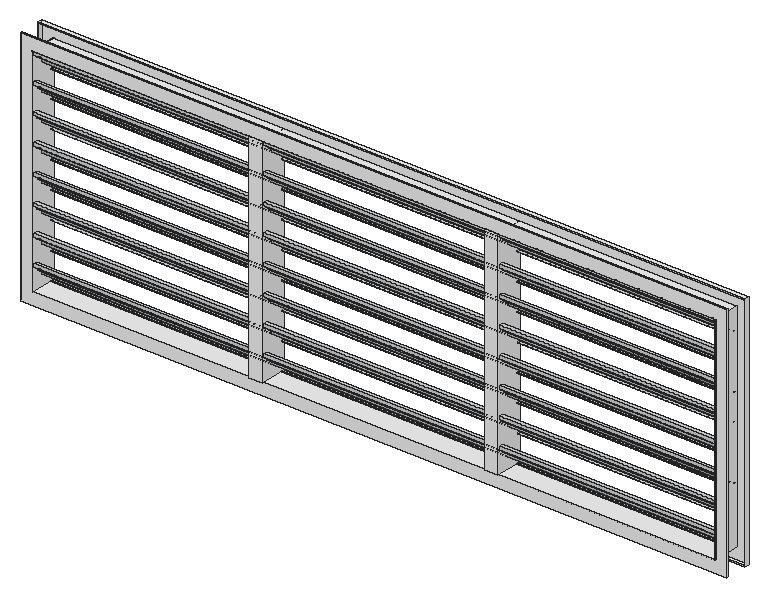
Revit family
Parameters (values of type "AG1")
  그릴 두께 = 100 mm
  그릴 패널 = AG1 그릴 패널
  그릴 프레임 = AG1 그릴 프레임
  프레임 투영 외부. = 25 mm
  프레임 투영 내부. = 25 mm
  프레임 폭 = 75 mm
  Height = 900 mm
  Wall Closure = (empty or 0)
  Width = 2653 mm
  블레이드 폭 = Width - 90 mm  # 2563 mm
  블레이드 번호 = (Height - 90 mm) / 100 mm  # 8
Types (3, lengths in mm): name | 그릴 패널 | 그릴 프레임 | 프레임 폭 | Width | 블레이드 폭
  (no name) | AG1 그릴 패널 | AG1 그릴 프레임 | 75 | 2653 | 2563
  AG1 | AG1 그릴 패널 | AG1 그릴 프레임 | 75 | 2653 | 2563
  AG2 | AG2 그릴 패널 | AG2 그릴 프레임 | 150 | 3250 | 3160
Reference planes
  plane 1: y = 0
  plane 2 "중심(왼쪽/오른쪽)": x = 0
  plane 3 "왼쪽": x = -1326.5
  plane 4 "오른쪽": x = 1326.5
  plane 5: z = 900
  plane 6 "외부": y = 75
  plane 7 "내부": y = -75
  plane 8: y = -25
  plane 9: x = 1281.425
  plane 10: x = -1281.425
  plane 11: x = -442.167
  plane 12: x = 442.167
  plane 13: x = -417.167
  plane 14: x = -467.167
  plane 15: x = 417.167
  plane 16: x = 467.167
  plane 17: z = 854.925
  plane 18: y = 25
Forms (mm)
  Sweep 1, solid, material "AG1 그릴 프레임" <- "그릴 프레임"
    path origin (0, 75, 0) x (1, 0, 0) y (0, 0, 1)
      loop
        line (1326.5, 900) -> (-1326.5, 900) -> (-1326.5, 0) -> (1326.5, 0) -> (1326.5, 900)
    profile origin (1326.5, 75, 450) x (-1, 0, 0) y (0, -1, 0)
      loop
        line (0, 15.909) -> (0, 0) -> (45.075, 0) -> (45.075, 100) -> (0, 100) -> (0, 94.039) -> (1.302, 94.039) -> (1.302, 98.697) -> (43.723, 98.697) -> (43.723, 1.235) -> (1.352, 1.235) -> (1.352, 15.909) -> (0, 15.909)
  Extrusion 2, solid, material "AG1 그릴 프레임" <- "그릴 프레임"
    sketch origin (0, 0, 0) x (1, 0, 0) y (0, 1, 0)
      loop
        line (-467.167, 75) -> (-467.167, -25) -> (-417.167, -25) -> (-417.167, 75) -> (-467.167, 75)
      loop
        line (417.167, 75) -> (417.167, -25) -> (467.167, -25) -> (467.167, 75) -> (417.167, 75)
    from 43.723 to 854.925
Lines and regions (mm)
  Opening 1
    outline origin (-3050, -75, 0) x (1, 0, 0) y (0, 0, 1)
      loop
        line (1723.5, 0) -> (4376.5, 0) -> (4376.5, 900) -> (1723.5, 900) -> (1723.5, 0)
Text (mm)
  text "외부" at (-2295.016, 1099.543, 0), in view "참조 레벨"
  text "외부" at (0, 1615.38, 3698.081), in view "왼쪽"
  text "외부" at (0, 1036.032, 3874.932), in view "오른쪽"
Dimensions and locks
  equal spacing: plane 3 "왼쪽", plane 2 "중심(왼쪽/오른쪽)", plane 4 "오른쪽"
  "Width": plane 3 "왼쪽" to plane 4 "오른쪽"
  "Height": plane 5 to host wall
  host wall to plane 5 = 900 mm  (x2)
  locked: plane 6 "외부" to host wall at 0
  locked: plane 7 "내부" to host wall
  "그릴 두께": plane 8 to plane 6 "외부"
  locked: Sweep 1 sketch curve to Sweep 1 sketch curve at 1.303
  locked: plane 8 to Sweep 1 sketch curve at 5.961
  locked: plane 9 to plane 4 "오른쪽" at 45.075
  locked: plane 10 to plane 3 "왼쪽" at 45.075
  equal spacing: plane 3 "왼쪽", plane 11, plane 12, plane 4 "오른쪽"
  plane 14 to plane 11 to plane 13 = 25 mm locked, 25 mm locked
  plane 15 to plane 12 to plane 16 = 25 mm locked, 25 mm locked
  locked: plane 17 to plane 5 at 45.075
  equal spacing: plane 6 "외부", plane 18, plane 8
  equal spacing: group 1, group 3, group 4, group 5, group 6, group 7, group 8, group 2  (x3)
  aligned and locked: plane 3 "왼쪽" to Opening 1 sketch curve
  aligned and locked: plane 5 to Opening 1 sketch curve  (x2)
  aligned and locked: Opening 1 sketch curve to plane 4 "오른쪽"
  aligned and locked: Opening 1 sketch curve to level
  aligned and locked: host wall to plane 1
  aligned and locked: host wall to Sweep 1 sketch curve
  aligned and locked: Sweep 1 sketch curve to host wall  (x3)
  aligned and locked: Sweep 1 sketch curve to plane 8
  aligned and locked: plane 9 to Sweep 1
  aligned and locked: plane 10 to Sweep 1
  aligned and locked: plane 14 to Extrusion 2 sketch curve
  aligned and locked: Extrusion 2 sketch curve to host wall
  aligned and locked: plane 8 to Extrusion 2 sketch curve  (x2)
  aligned and locked: plane 13 to Extrusion 2 sketch curve
  aligned and locked: plane 16 to Extrusion 2 sketch curve
  aligned and locked: plane 17 to Extrusion 2
  aligned and locked: plane 4 "오른쪽" to Sweep 1 sketch curve
  aligned and locked: plane 2 "중심(왼쪽/오른쪽)" to nested 1
  aligned and locked: plane 18 to nested 1
  aligned and locked: nested 1 to Sweep 1
  aligned and locked: plane 17 to nested 2
  aligned and locked: plane 18 to nested 2
Automatic sketch dimensions
  Sweep 1 sketch curve to profile plane = 0 mm  (x2)
  Sweep 1 sketch curve to plane 6 "외부" = 0 mm
  Sweep 1 sketch curve to Sweep 1 sketch curve = 1.352 mm  (x2)
  plane 6 "외부" to Sweep 1 sketch curve = 1.235 mm
  Sweep 1 sketch curve to Sweep 1 sketch curve = 14.674 mm
  Extrusion 2 sketch curve to host wall = 0 mm
  Extrusion 2 sketch curve to plane 15 = 0 mm
  Extrusion 2 sketch curve to plane 8 = 0 mm
  Sweep 1 sketch curve to Sweep 1 sketch curve = 42.37 mm
  Sweep 1 sketch curve to Sweep 1 sketch curve = 1.302 mm
Nested families
  nested 1: "지붕창 블레이드" at (0, -21.828, 140.233), type "지붕창 블레이드"
    with 폭 2563 mm
  nested 2: "지붕창 블레이드" at (0, -21.828, 854.925), type "지붕창 블레이드"
    with 폭 2563 mm
  nested 3: "지붕창 블레이드" at (0, -21.828, 242.332), type "지붕창 블레이드"
    with 폭 2563 mm
  nested 4: "지붕창 블레이드" at (0, -21.828, 344.431), type "지붕창 블레이드"
    with 폭 2563 mm
  nested 5: "지붕창 블레이드" at (0, -21.828, 446.53), type "지붕창 블레이드"
    with 폭 2563 mm
  nested 6: "지붕창 블레이드" at (0, -21.828, 548.629), type "지붕창 블레이드"
    with 폭 2563 mm
  nested 7: "지붕창 블레이드" at (0, -21.828, 650.727), type "지붕창 블레이드"
    with 폭 2563 mm
  nested 8: "지붕창 블레이드" at (0, -21.828, 752.826), type "지붕창 블레이드"
    with 폭 2563 mm
Definition of nested family "지붕창 블레이드"
  Parameters (values of type "지붕창 블레이드")
    폭 = 3160 mm
    Assembly Code = ""
  Reference planes
    plane 1 "중심(앞/뒤)": y = 0
    plane 2: z = 0
    plane 3 "중심(왼쪽/오른쪽)": x = 0
    plane 4: z = 0
    plane 5: x = -1580
    plane 6: x = 1580
    plane 7: y = 93.656
    plane 8: y = 46.828
  Forms (mm)
    Extrusion 1, solid
      sketch origin (0, 0, 0) x (0, 1, 0) y (0, 0, 1)
        loop
          line (0, 0) -> (0, -12.728) -> (20.296, -24.446)
          arc (20.296, -24.446) -> (18.333, -27.017) -> (19.31, -30.101) r 3.506
          arc (19.31, -30.101) -> (19.92, -30.296) -> (20.434, -29.914) r 0.701
          arc (20.434, -29.914) -> (20.556, -29.455) -> (20.358, -29.024) r 0.701
          arc (20.358, -29.024) -> (21.786, -25.616) -> (23.215, -29.024) r 2.003
          arc (23.215, -29.024) -> (23.016, -29.455) -> (23.138, -29.914) r 0.701
          arc (23.138, -29.914) -> (23.653, -30.296) -> (24.263, -30.101) r 0.701
          arc (24.263, -30.101) -> (25.078, -28.824) -> (25.28, -27.323) r 3.506
          line (25.28, -27.323) -> (44.814, -38.601)
          arc (44.814, -38.601) -> (37.716, -45.639) -> (41.928, -54.705) r 8.697
          line (41.928, -54.705) -> (91.652, -83.587) -> (91.652, -93.155) -> (81.135, -93.155) -> (81.135, -95.158) -> (93.656, -95.158) -> (93.656, -82.431) -> (73.66, -70.712)
          arc (73.66, -70.712) -> (75.624, -68.142) -> (74.647, -65.058) r 3.506
          arc (74.647, -65.058) -> (74.037, -64.862) -> (73.522, -65.244) r 0.701
          arc (73.522, -65.244) -> (73.4, -65.703) -> (73.599, -66.135) r 0.701
          arc (73.599, -66.135) -> (72.17, -69.542) -> (70.741, -66.135) r 2.003
          arc (70.741, -66.135) -> (70.94, -65.703) -> (70.818, -65.244) r 0.701
          arc (70.818, -65.244) -> (70.303, -64.862) -> (69.693, -65.058) r 0.701
          arc (69.693, -65.058) -> (68.878, -66.334) -> (68.677, -67.835) r 3.506
          line (68.677, -67.835) -> (42.929, -52.97)
          arc (42.929, -52.97) -> (40.479, -43.827) -> (49.622, -41.377) r 6.693
          line (49.622, -41.377) -> (56.895, -45.576) -> (57.896, -43.841) -> (2.003, -11.571) -> (2.003, -2.003) -> (12.521, -2.003) -> (12.521, 0) -> (0, 0)
      from -1580 to 1580
  Dimensions and locks
    equal spacing: plane 5, plane 3 "중심(왼쪽/오른쪽)", plane 6
    "폭": plane 5 to plane 6
    locked: Extrusion 1 sketch curve to Extrusion 1 sketch curve at 95.158
    locked: Extrusion 1 sketch curve to Extrusion 1 sketch curve at 93.656
    equal spacing: plane 7, plane 8, plane 1 "중심(앞/뒤)"
    aligned and locked: level to plane 4
    aligned and locked: Extrusion 1 to plane 5
    aligned and locked: plane 6 to Extrusion 1
    aligned and locked: level to Extrusion 1 sketch curve
    aligned and locked: plane 1 "중심(앞/뒤)" to Extrusion 1 sketch curve
    aligned and locked: plane 7 to Extrusion 1
  Automatic sketch dimensions
    Extrusion 1 sketch curve to Extrusion 1 sketch curve = 0 mm  (x18)
    Extrusion 1 sketch curve to plane 1 "중심(앞/뒤)" = 2.003 mm
    Extrusion 1 sketch curve to Extrusion 1 sketch curve = 10.517 mm  (x2)
    Extrusion 1 sketch curve to Extrusion 1 sketch curve = 0.495 mm  (x4)
    Extrusion 1 sketch curve to Extrusion 1 sketch curve = 0.053 mm  (x4)
    Extrusion 1 sketch curve to Extrusion 1 sketch curve = 0.439 mm
    Extrusion 1 sketch curve to Extrusion 1 sketch curve = 0.5 mm  (x2)
    Extrusion 1 sketch curve to Extrusion 1 sketch curve = 0.629 mm  (x2)
    Extrusion 1 sketch curve to Extrusion 1 sketch curve = 1.429 mm  (x2)
    Extrusion 1 sketch curve to Extrusion 1 sketch curve = 1.352 mm  (x2)
    Extrusion 1 sketch curve to Extrusion 1 sketch curve = 0.076 mm  (x2)
    Extrusion 1 sketch curve to Extrusion 1 sketch curve = 0.576 mm  (x2)
    Extrusion 1 sketch curve to Extrusion 1 sketch curve = 2.065 mm
    Extrusion 1 sketch curve to Extrusion 1 sketch curve = 17.665 mm
    Extrusion 1 sketch curve to Extrusion 1 sketch curve = 1.002 mm  (x2)
    Extrusion 1 sketch curve to Extrusion 1 sketch curve = 1.885 mm
    Extrusion 1 sketch curve to Extrusion 1 sketch curve = 3.347 mm
    Extrusion 1 sketch curve to Extrusion 1 sketch curve = 4.809 mm
    Extrusion 1 sketch curve to Extrusion 1 sketch curve = 7.272 mm
    Extrusion 1 sketch curve to Extrusion 1 sketch curve = 11.782 mm
    Extrusion 1 sketch curve to Extrusion 1 sketch curve = 1.017 mm
    Extrusion 1 sketch curve to Extrusion 1 sketch curve = 1.49 mm
    Extrusion 1 sketch curve to Extrusion 1 sketch curve = 7.475 mm
    Extrusion 1 sketch curve to Extrusion 1 sketch curve = 2.003 mm  (x2)
    Extrusion 1 sketch curve to Extrusion 1 sketch curve = 1.735 mm  (x2)
    Extrusion 1 sketch curve to Extrusion 1 sketch curve = 5.796 mm
    Extrusion 1 sketch curve to Extrusion 1 sketch curve = 19.482 mm
    Extrusion 1 sketch curve to Extrusion 1 sketch curve = 0.186 mm  (x2)
    Extrusion 1 sketch curve to Extrusion 1 sketch curve = 11.718 mm
    Extrusion 1 sketch curve to Extrusion 1 sketch curve = 1.157 mm  (x2)
    Extrusion 1 sketch curve to Extrusion 1 sketch curve = 9.568 mm
    Extrusion 1 sketch curve to Extrusion 1 sketch curve = 18.53 mm
    Extrusion 1 sketch curve to level = 2.003 mm
